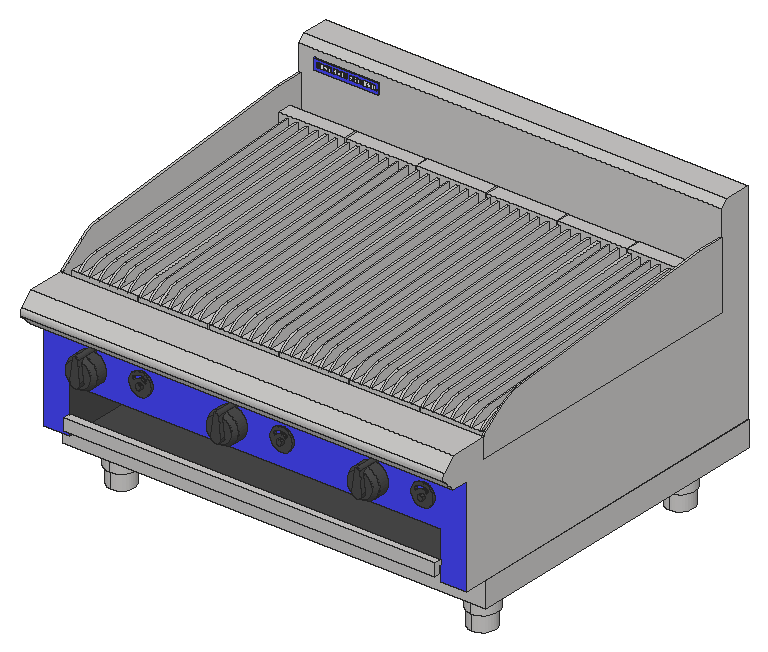
Revit family "QF_MOFFAT_BLUESEAL_CE_G596-B", category Specialty Equipment, Revit 2012 (continued)
Automatic sketch dimensions
  plane 10 to Extrusion 50 sketch curve = 12.852 mm
  plane 10 to Extrusion 50 sketch curve = 8.738 mm
  plane 9 to Extrusion 50 sketch curve = 32 mm
  Extrusion 50 sketch curve to plane 11 = 220.155 mm
  Extrusion 50 sketch curve to plane 11 = 174.636 mm
  Extrusion 50 sketch curve to Extrusion 50 sketch curve = 52.486 mm
  plane 10 to Extrusion 51 sketch curve = 59 mm
  plane 10 to Extrusion 51 sketch curve = 12.852 mm
  plane 10 to Extrusion 51 sketch curve = 8.738 mm
  plane 9 to Extrusion 51 sketch curve = 32 mm
  Extrusion 51 sketch curve to plane 11 = 220.155 mm
  Extrusion 51 sketch curve to plane 11 = 174.636 mm
  Extrusion 51 sketch curve to Extrusion 51 sketch curve = 52.486 mm
  plane 10 to Extrusion 52 sketch curve = 59 mm
  plane 10 to Extrusion 52 sketch curve = 12.852 mm
  plane 10 to Extrusion 52 sketch curve = 8.738 mm
  plane 9 to Extrusion 52 sketch curve = 32 mm
  Extrusion 52 sketch curve to plane 11 = 220.155 mm
  Extrusion 52 sketch curve to plane 11 = 174.636 mm
  Extrusion 52 sketch curve to Extrusion 52 sketch curve = 52.486 mm
  plane 10 to Extrusion 53 sketch curve = 59 mm
  plane 10 to Extrusion 53 sketch curve = 12.852 mm
  plane 10 to Extrusion 53 sketch curve = 8.738 mm
  plane 9 to Extrusion 53 sketch curve = 32 mm
  Extrusion 53 sketch curve to plane 11 = 220.155 mm
  Extrusion 53 sketch curve to plane 11 = 174.636 mm
  Extrusion 53 sketch curve to Extrusion 53 sketch curve = 52.486 mm
  plane 10 to Extrusion 54 sketch curve = 59 mm
  plane 10 to Extrusion 54 sketch curve = 12.852 mm
  plane 10 to Extrusion 54 sketch curve = 8.738 mm
  plane 9 to Extrusion 54 sketch curve = 32 mm
  Extrusion 54 sketch curve to plane 11 = 220.155 mm
  Extrusion 54 sketch curve to plane 11 = 174.636 mm
  Extrusion 54 sketch curve to Extrusion 54 sketch curve = 52.486 mm
  plane 10 to Extrusion 55 sketch curve = 59 mm
  plane 9 to Extrusion 55 sketch curve = 32 mm
  plane 9 to Extrusion 55 sketch curve = 2 mm
  Extrusion 55 sketch curve to plane 11 = 210 mm
  Extrusion 55 sketch curve to Extrusion 55 sketch curve = 35.364 mm
  Extrusion 55 sketch curve to Extrusion 55 sketch curve = 59.636 mm
  plane 10 to Extrusion 56 sketch curve = 59 mm
  plane 10 to Extrusion 56 sketch curve = 12.852 mm
  plane 10 to Extrusion 56 sketch curve = 8.738 mm
  plane 9 to Extrusion 56 sketch curve = 32 mm
  Extrusion 56 sketch curve to plane 11 = 220.155 mm
  Extrusion 56 sketch curve to Extrusion 56 sketch curve = 45.518 mm
  Extrusion 56 sketch curve to Extrusion 56 sketch curve = 52.486 mm
  plane 10 to Extrusion 57 sketch curve = 59 mm
  plane 10 to Extrusion 57 sketch curve = 12.852 mm
  plane 10 to Extrusion 57 sketch curve = 8.738 mm
  plane 9 to Extrusion 57 sketch curve = 32 mm
  Extrusion 57 sketch curve to plane 11 = 220.155 mm
  Extrusion 57 sketch curve to plane 11 = 174.636 mm
  Extrusion 57 sketch curve to Extrusion 57 sketch curve = 52.486 mm
  plane 10 to Extrusion 58 sketch curve = 59 mm
  plane 10 to Extrusion 58 sketch curve = 12.852 mm
  plane 10 to Extrusion 58 sketch curve = 8.738 mm
  plane 9 to Extrusion 58 sketch curve = 32 mm
  Extrusion 58 sketch curve to plane 11 = 220.155 mm
  Extrusion 58 sketch curve to plane 11 = 174.636 mm
  Extrusion 58 sketch curve to Extrusion 58 sketch curve = 52.486 mm
  plane 10 to Extrusion 59 sketch curve = 59 mm
  plane 10 to Extrusion 59 sketch curve = 12.852 mm
  plane 10 to Extrusion 59 sketch curve = 8.738 mm
  plane 9 to Extrusion 59 sketch curve = 32 mm
  Extrusion 59 sketch curve to plane 11 = 220.155 mm
  Extrusion 59 sketch curve to plane 11 = 174.636 mm
  Extrusion 59 sketch curve to Extrusion 59 sketch curve = 52.486 mm
  plane 10 to Extrusion 60 sketch curve = 59 mm
  plane 10 to Extrusion 60 sketch curve = 12.852 mm
  plane 10 to Extrusion 60 sketch curve = 8.738 mm
  plane 9 to Extrusion 60 sketch curve = 32 mm
  Extrusion 60 sketch curve to plane 11 = 220.155 mm
  Extrusion 60 sketch curve to plane 11 = 174.636 mm
  Extrusion 60 sketch curve to Extrusion 60 sketch curve = 52.486 mm
  plane 10 to Extrusion 61 sketch curve = 59 mm
  plane 10 to Extrusion 61 sketch curve = 12.852 mm
  plane 10 to Extrusion 61 sketch curve = 8.738 mm
  plane 9 to Extrusion 61 sketch curve = 32 mm
  Extrusion 61 sketch curve to plane 11 = 220.155 mm
  Extrusion 61 sketch curve to plane 11 = 174.636 mm
  Extrusion 61 sketch curve to Extrusion 61 sketch curve = 52.486 mm
  plane 10 to Extrusion 62 sketch curve = 59 mm
  plane 10 to Extrusion 62 sketch curve = 12.852 mm
  plane 10 to Extrusion 62 sketch curve = 8.738 mm
  plane 9 to Extrusion 62 sketch curve = 32 mm
  Extrusion 62 sketch curve to plane 11 = 220.155 mm
  Extrusion 62 sketch curve to plane 11 = 174.636 mm
  Extrusion 62 sketch curve to Extrusion 62 sketch curve = 52.486 mm
  plane 10 to Extrusion 63 sketch curve = 59 mm
  plane 9 to Extrusion 63 sketch curve = 32 mm
  plane 9 to Extrusion 63 sketch curve = 2 mm
  Extrusion 63 sketch curve to plane 11 = 210 mm
  Extrusion 63 sketch curve to Extrusion 63 sketch curve = 35.364 mm
  Extrusion 63 sketch curve to Extrusion 63 sketch curve = 59.636 mm
  Extrusion 64 sketch curve to Extrusion 1 = 0 mm
  Extrusion 64 sketch curve to Extrusion 1 = 100 mm
  Extrusion 64 sketch curve to Extrusion 1 = 55 mm  (x2)
  Split face 3 sketch curve to Extrusion 1 = 27.315 mm
  Split face 3 sketch curve to Extrusion 1 = 323.319 mm
  Split face 3 sketch curve to Split face 3 sketch curve = 4.041 mm  (x4)
  Split face 3 sketch curve to Split face 3 sketch curve = 8.66 mm  (x2)
  Split face 3 sketch curve to Extrusion 1 = 12.315 mm
  Split face 3 sketch curve to Split face 3 sketch curve = 223.917 mm
  Split face 3 sketch curve to Split face 3 sketch curve = 7 mm  (x3)
  Split face 3 sketch curve to Split face 3 sketch curve = 17 mm
  Revolve 65 sketch curve to plane 5 "FRONT" = 19 mm
  Revolve 65 sketch curve to Revolve 65 sketch curve = 0 mm  (x2)
  Revolve 65 sketch curve to Revolve 65 sketch curve = 11 mm
  Revolve 65 sketch curve to Revolve 65 sketch curve = 12.7 mm
  Revolve 65 sketch curve to Revolve 65 sketch curve = 23 mm
  Revolve 65 sketch curve to Revolve 65 sketch curve = 10 mm
  Revolve 65 sketch curve to plane 11 = 290.2 mm
  Revolve 65 sketch curve to Revolve 65 sketch curve = 5 mm
  Revolve 65 sketch curve to Revolve 65 sketch curve = 26.651 mm
  Revolve 65 sketch curve to Revolve 65 sketch curve = 5.849 mm
  plane 4 "RIGHT" to Extrusion 66 sketch curve = 202.487 mm
  Extrusion 66 sketch curve to Extrusion 66 sketch curve = 5.489 mm
  Extrusion 66 sketch curve to Extrusion 66 sketch curve = 4.999 mm  (x2)
  Extrusion 66 sketch curve to Extrusion 66 sketch curve = 10.487 mm
  Extrusion 66 sketch curve to Extrusion 66 sketch curve = 10.419 mm
  level to Extrusion 66 sketch curve = 282.8 mm
  Extrusion 66 sketch curve to Extrusion 66 sketch curve = 0.028 mm
  Extrusion 66 sketch curve to Extrusion 66 sketch curve = 44 mm
  Extrusion 66 sketch curve to Extrusion 66 sketch curve = 0.113 mm
  curve 3 to plane 3 "LEFT" = 0 mm
  curve 3 to plane 4 "RIGHT" = 0 mm
  plane 1 "BACK" to curve 2 = 0 mm
  curve 4 to plane 5 "FRONT" = 0.001 mm
  plane 1 "BACK" to curve 12 = 33.185 mm
  curve 12 to plane 7 "Center Y" = 122.64 mm
  plane 1 "BACK" to curve 11 = 40.185 mm
  curve 12 to curve 11 = 4.041 mm
  curve 11 to curve 5 = 8.66 mm
  curve 12 to curve 10 = 4.041 mm
  plane 1 "BACK" to curve 6 = 28.185 mm
  plane 7 "Center Y" to curve 6 = 113.979 mm
  curve 6 to curve 9 = 4.041 mm
  curve 6 to curve 6 = 8.66 mm
  plane 1 "BACK" to curve 7 = 30.185 mm
  curve 6 to curve 7 = 4.041 mm
  curve 8 to curve 8 = 15 mm
  curve 10 to curve 12 = 7 mm
  plane 1 "BACK" to curve 15 = 33.185 mm
  curve 8 to curve 15 = 58.659 mm
  curve 15 to curve 16 = 4.041 mm
  curve 14 to curve 13 = 8.66 mm
  curve 15 to curve 17 = 8.66 mm
  plane 1 "BACK" to curve 20 = 18.185 mm
  plane 4 "RIGHT" to curve 20 = 28.041 mm
  curve 20 to curve 18 = 4.041 mm  (x2)
  curve 20 to curve 19 = 8.66 mm
  curve 18 to curve 20 = 27 mm
  curve 16 to curve 15 = 7 mm
  curve 17 to curve 18 = 10 mm
  curve 18 to curve 20 = 7 mm
  curve 23 to plane 12 = 30.16 mm
  curve 22 to curve 23 = 4.041 mm
  curve 23 to curve 22 = 8.66 mm
  curve 24 to curve 25 = 8.66 mm
  curve 28 to curve 11 = 55.402 mm
  curve 28 to curve 25 = 4.041 mm
  plane 1 "BACK" to curve 27 = 23.185 mm
  curve 21 to curve 27 = 8.66 mm
  curve 28 to curve 26 = 4.041 mm
  curve 25 to curve 28 = 22 mm
  curve 24 to curve 23 = 5 mm
  curve 25 to curve 26 = 10 mm
  curve 23 to curve 22 = 7 mm
  curve 26 to curve 28 = 7 mm
  curve 29 to plane 9 = 42.5 mm
  curve 30 to curve 29 = 12.5 mm
  plane 10 to curve 31 = 80 mm
  curve 2 to curve 32 = 28.029 mm
  curve 36 to plane 7 "Center Y" = 0 mm
  plane 3 "LEFT" to curve 33 = 4.5 mm
  plane 12 to curve 33 = 81.5 mm
  plane 10 to curve 34 = 59 mm
  curve 34 to curve 35 = 3 mm
  curve 35 to plane 7 "Center Y" = 3 mm
  plane 10 to curve 36 = 59 mm
  plane 9 to curve 40 = 2 mm
  curve 8 to curve 40 = 31.979 mm
  curve 36 to curve 37 = 3 mm
  plane 13 to curve 37 = 87.5 mm
  curve 40 to curve 39 = 3 mm
  plane 4 "RIGHT" to curve 41 = 3 mm
  plane 10 to curve 38 = 59 mm
  curve 37 to curve 38 = 0 mm
  curve 35 to curve 36 = 0 mm
  curve 33 to curve 34 = 0 mm
  plane 9 to curve 39 = 2 mm
  plane 9 to curve 43 = 2 mm
  curve 43 to curve 44 = 3 mm
  plane 9 to curve 44 = 2 mm
  curve 26 to curve 44 = 21 mm
  plane 9 to curve 46 = 2 mm
  plane 9 to curve 45 = 2 mm
  plane 3 "LEFT" to curve 57 = 21 mm
  plane 9 to curve 57 = 32 mm
  curve 57 to curve 58 = 21 mm
  curve 59 to plane 12 = 2.5 mm
  plane 12 to curve 60 = 18.5 mm
  curve 60 to curve 61 = 21 mm
  curve 61 to curve 62 = 21 mm
  curve 62 to curve 63 = 28.5 mm
  curve 62 to curve 63 = 0 mm
  curve 63 to curve 64 = 21 mm
  curve 64 to curve 65 = 21 mm
  curve 65 to curve 66 = 21 mm
  curve 66 to curve 67 = 21 mm
  curve 67 to curve 68 = 21 mm
  curve 69 to curve 34 = 16.5 mm
  curve 35 to curve 70 = 4.5 mm
  curve 69 to curve 70 = 0 mm
  curve 70 to curve 71 = 21 mm
  curve 71 to curve 72 = 21 mm
  curve 72 to curve 73 = 21 mm
  curve 73 to curve 74 = 21 mm
  curve 74 to curve 75 = 21 mm
  curve 76 to plane 7 "Center Y" = 19.5 mm
  plane 7 "Center Y" to curve 77 = 4.5 mm
  curve 76 to curve 77 = 0 mm
  curve 77 to curve 78 = 21 mm
  curve 78 to curve 79 = 21 mm
  curve 79 to curve 80 = 21 mm
  curve 80 to curve 81 = 21 mm
  curve 81 to curve 82 = 21 mm
  curve 83 to curve 36 = 16.5 mm
  curve 37 to curve 84 = 4.5 mm
  curve 83 to curve 84 = 0 mm
  curve 84 to curve 85 = 21 mm
  curve 85 to curve 86 = 21 mm
  curve 86 to curve 87 = 21 mm
  curve 87 to curve 88 = 21 mm
  curve 88 to curve 89 = 21 mm
  curve 89 to curve 90 = 21 mm
  curve 90 to curve 91 = 24 mm
  curve 90 to curve 91 = 0 mm
  curve 91 to curve 92 = 21 mm
  curve 92 to curve 93 = 21 mm
  plane 13 to curve 94 = 17 mm
  curve 95 to plane 13 = 4 mm
  curve 95 to curve 96 = 21 mm
  plane 4 "RIGHT" to curve 97 = 19.5 mm
  radius of Extrusion 33 sketch curve = 13.5 mm
  radius of Extrusion 38 sketch curve = 23.9 mm  (x3)
  radius of Extrusion 39 sketch curve = 5.75 mm  (x3)
Nested families
  nested 1: "WALDORF LOGO_FACE BASE" at (32.004, -70, 556.885) x (1, 0, 0) z (0, -1, 0), visible <- "Show Logo", type "WALDORF LOGO_FACE BASE", detail levels medium+fine
    with Show Logo yes
Connectors
  piping at (216, -34, 53)
    settings: on Extrusion 33, index 2, connector radius 0.37402", flow factor 0, pipe flow 0 GPM, pressure drop 0.00 psi, fitting loss kfactor 0, connector angle 0.00°, fixture units 0, engagement length 0 mm, flow configuration 1, flow direction 1, fitting loss method 0, system type 7, joint type 0, gender type 0, connector reference index -1, connector utility 0, adjustable connector no, is connector primary yes, fitting loss table "", connector description ""
Definition of nested family "WALDORF LOGO_FACE BASE"
  Parameters (values of type "WALDORF LOGO_FACE BASE")
    Show Logo [instance] = yes
    Default Elevation = 1219.2 mm
  Reference planes
    plane 1 "Center (Front/Back)": y = 0
    plane 2: z = 0
    plane 3 "Center (Left/Right)": x = 0
  Forms (mm)
    Extrusion 1, solid
      sketch origin (0, 0, 0) x (1, 0, 0) y (0, 1, 0)
        loop
          line (-1219.2, 1219.2) -> (-1219.2, -1219.2) -> (1219.2, -1219.2) -> (1219.2, 1219.2) -> (-1219.2, 1219.2)
      from 0 to -304.8
    Extrusion 2, solid, material "QF_Finishes_Blue", visible <- "Show Logo"
      sketch origin (0, -33.217, 0) x (1, 0, 0) y (0, 1, 0)
        loop
          arc (138, 31.942) -> (137.626, 32.844) -> (136.724, 33.217) r 1.276
          line (136.724, 33.217) -> (1.29, 33.217)
          arc (1.29, 33.217) -> (0.378, 32.839) -> (0, 31.927) r 1.29
          line (0, 31.927) -> (0, 11.507)
          arc (0, 11.507) -> (0.378, 10.595) -> (1.29, 10.217) r 1.29
          line (1.29, 10.217) -> (136.71, 10.217)
          arc (136.71, 10.217) -> (137.622, 10.595) -> (138, 11.507) r 1.29
          line (138, 11.507) -> (138, 31.942)
      from 0 to 1.588
    Extrusion 3, solid, material "QF_Finishes_White", visible <- "Show Logo"
      sketch origin (0, -33.217, 1.588) x (1, 0, 0) y (0, 1, 0)
        loop
          arc (108.946, 25.919) -> (107.613, 25.367) -> (107.061, 24.034) r 1.885
          line (107.061, 24.034) -> (107.061, 17.211) -> (112.704, 17.211) -> (112.704, 19.129) -> (115.546, 19.129) -> (115.546, 17.211) -> (121.584, 17.211) -> (121.584, 24.075)
          arc (121.584, 24.075) -> (121.043, 25.379) -> (119.739, 25.919) r 1.845
          line (119.739, 25.919) -> (108.946, 25.919)
        loop
          line (123.478, 25.919) -> (123.478, 17.163) -> (134.904, 17.163) -> (134.904, 19.129) -> (129.246, 19.129) -> (129.246, 25.919) -> (123.478, 25.919)
        loop
          line (112.704, 21.258) -> (115.546, 21.258) -> (115.546, 22.702)
          arc (115.546, 22.702) -> (115.344, 23.188) -> (114.858, 23.389) r 0.687
          line (114.858, 23.389) -> (113.363, 23.389)
          arc (113.363, 23.389) -> (112.897, 23.196) -> (112.704, 22.73) r 0.658
          line (112.704, 22.73) -> (112.704, 21.258)
        loop
          line (105.071, 25.919) -> (93.771, 25.919) -> (93.771, 17.163) -> (105.071, 17.163) -> (105.071, 19.063) -> (99.535, 19.063) -> (99.535, 20.437) -> (105.071, 20.437) -> (105.071, 22.278) -> (99.535, 22.278) -> (99.535, 23.587) -> (105.071, 23.587) -> (105.071, 25.919)
        loop
          line (91.104, 25.919) -> (79.541, 25.919)
          arc (79.541, 25.919) -> (78.558, 25.513) -> (78.152, 24.53) r 1.389
          line (78.152, 24.53) -> (78.152, 22.08)
          arc (78.152, 22.08) -> (78.558, 21.098) -> (79.541, 20.691) r 1.389
          line (79.541, 20.691) -> (86.346, 20.691) -> (86.346, 18.864) -> (83.266, 18.864) -> (83.266, 19.664) -> (78.152, 19.664) -> (78.152, 18.553)
          arc (78.152, 18.553) -> (78.558, 17.57) -> (79.541, 17.163) r 1.389
          line (79.541, 17.163) -> (91.063, 17.163)
          arc (91.063, 17.163) -> (92.045, 17.57) -> (92.452, 18.553) r 1.389
          line (92.452, 18.553) -> (92.452, 20.691)
          arc (92.452, 20.691) -> (92.045, 21.673) -> (91.063, 22.08) r 1.389
          line (91.063, 22.08) -> (83.266, 22.08) -> (83.266, 23.984) -> (86.346, 23.984) -> (86.346, 22.743) -> (92.452, 22.743) -> (92.452, 24.571)
          arc (92.452, 24.571) -> (92.057, 25.524) -> (91.104, 25.919) r 1.348
        loop
          line (70.705, 25.919) -> (59.405, 25.919) -> (59.405, 17.163) -> (70.705, 17.163) -> (70.705, 19.063) -> (65.169, 19.063) -> (65.169, 20.437) -> (70.705, 20.437) -> (70.705, 22.278) -> (65.169, 22.278) -> (65.169, 23.587) -> (70.705, 23.587) -> (70.705, 25.919)
        loop
          line (57.598, 25.919) -> (51.7, 25.919) -> (51.7, 20.18)
          arc (51.7, 20.18) -> (50.63, 19.11) -> (49.56, 20.18) r 1.07
          line (49.56, 20.18) -> (49.56, 25.919) -> (43.663, 25.919) -> (43.663, 19.049)
          arc (43.663, 19.049) -> (44.215, 17.716) -> (45.548, 17.163) r 1.885
          line (45.548, 17.163) -> (55.71, 17.163)
          arc (55.71, 17.163) -> (57.045, 17.716) -> (57.598, 19.051) r 1.887
          line (57.598, 19.051) -> (57.598, 25.919)
        loop
          line (31.62, 25.919) -> (31.62, 17.163) -> (43.046, 17.163) -> (43.046, 19.129) -> (37.388, 19.129) -> (37.388, 25.919) -> (31.62, 25.919)
        loop
          line (15.969, 25.919) -> (15.969, 17.163) -> (28.693, 17.163)
          arc (28.693, 17.163) -> (29.812, 17.627) -> (30.276, 18.746) r 1.582
          line (30.276, 18.746) -> (30.276, 20.447) -> (29.48, 21.243) -> (30.276, 22.039) -> (30.276, 24.332)
          arc (30.276, 24.332) -> (29.811, 25.454) -> (28.688, 25.919) r 1.587
          line (28.688, 25.919) -> (15.969, 25.919)
        loop
          line (21.449, 24.159) -> (21.449, 22.436) -> (23.862, 22.436)
          arc (23.862, 22.436) -> (24.723, 23.298) -> (23.862, 24.159) r 0.861
          line (23.862, 24.159) -> (21.449, 24.159)
        loop
          line (21.449, 20.244) -> (21.449, 18.522) -> (23.862, 18.522)
          arc (23.862, 18.522) -> (24.723, 19.383) -> (23.862, 20.244) r 0.861
          line (23.862, 20.244) -> (21.449, 20.244)
      from 0 to 0.2
    Extrusion 4, solid, material "QF_Finishes_Blue", visible <- "Show Logo"
      sketch origin (-126.498, -31.09, 1.588) x (1, 0, 0) y (0, 1, 0)
        loop
          line (136.738, 23.522) -> (136.738, 15.1)
          arc (136.738, 15.1) -> (140.756, 19.311) -> (136.738, 23.522) r 4.216
      from 0 to 0.2
    Extrusion 5, solid, material "QF_Finishes_Red", visible <- "Show Logo"
      sketch origin (146.849, -31.09, 1.588) x (-1, 0, 0) y (0, -1, 0)
        loop
          arc (136.738, -23.522) -> (140.756, -19.311) -> (136.738, -15.1) r 4.216
          line (136.738, -15.1) -> (136.738, -23.522)
      from 0 to 0.2
  Lines and regions (mm)
    Split face 1
      outline origin (-90.35, -30.793, 1.588) x (1, 0, 0) y (0, 1, 0)
        loop
          circle (100.54, 19.013) r 4.536
  Dimensions and locks
    aligned and locked: plane 2 to Extrusion 1
    aligned and locked: level to Extrusion 1
